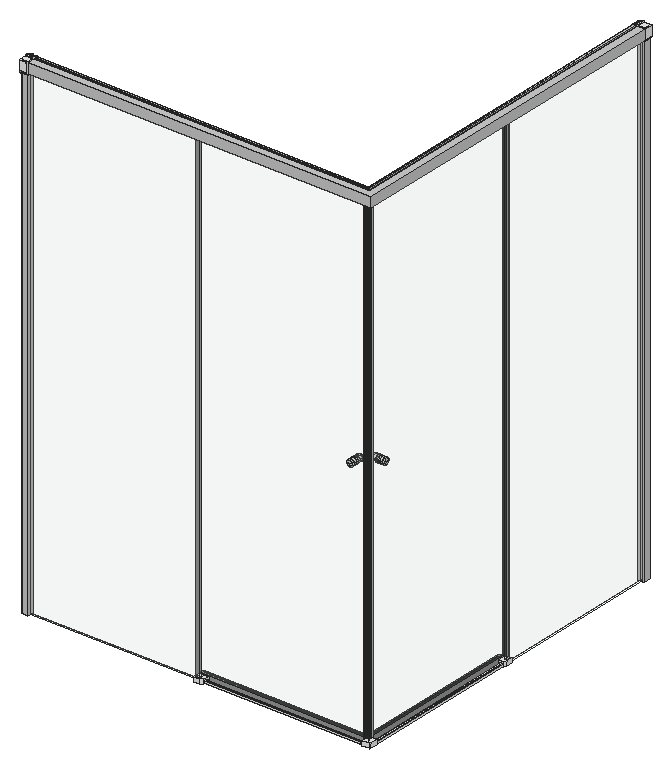
Revit family "Sanitary_Shower-screens_Duscholux_DuschoGravity_Slider-twin-doors-corner-shower", category Plumbing Fixtures, Revit 2016
Family settings
  Part Type = Normal
  Round Connector Dimension = Use Diameter
  OmniClass Number = 23.45.00.00
  OmniClass Title = Sanitary, Laundry, and Cleaning Equipment
  Work Plane-Based = No
  Always vertical = Yes
  Cut with Voids When Loaded = No
  Shared = No
  Room Calculation Point = No
Parameters (values of type "Silver Matt Aluminium Finish")
  Width L2 = 1400 mm
  Width L1 = 1400 mm
  Uniclass 2015 Description = "Shower Enclosures"
  Uniclass 2015 Code = "PR-40-20-06-79"
  URL = "http://www.duscholux.es/"
  UNSPSC Code = "30181507"
  Thickness Safety Glass Sliding = 5 mm  # constant formula
  Thickness Safety Glass Fixed Panel = 8 mm  # constant formula
  Technical Inspection Certificate (Applus) = "http://www.duscholux.es/resources/custom/var/APPLUS_en.pdf"
  Sliding Door Width L2 = (Min Max Width L2 / 2) - 37.8 mm + 14 mm  # 676.2 mm
  Sliding Door Width L1 = (Min Max Widht L1 / 2) - 37.8 mm + 14 mm  # 676.2 mm
  Series = "DuschoGravity"
  Region South America = "Consult"
  Region Oceania = "Consult"
  Region North America = "Consult"
  Region Middle East = "Consult"
  Region Europe = "AD, ES, FR, PT"
  Region Asia = "Consult"
  Region Antartica = "Consult"
  Region Africa = "Consult"
  Ref. = "KAA / KAC"
  Products = "http://www.duscholux.es/mamparas_filtro.aspx?es"
  Product group = "Angle door for shower"
  Product family = "Duscho Gravity"
  Optional = "Towel rail / Shelf"
  Opening System Image = "http://blob.duscholux.es/pluma512/AD2f2pcorredera.gif"
  Opening System = "Sliding"
  Opening Percentage L2 = 0
  Opening Percentage L1 = 0
  Opening Door L2 = ((Min Max Width L2 / 2) - 135.8 mm) * Opening Percentage L2 / 100  # 0 mm
  Opening Door L1 = ((Min Max Widht L1 / 2) - 135.8 mm) * Opening Percentage L1 / 100  # 0 mm
  Net Weight (Kg) = 79
  NBS Reference Description = "Shower Enclosures"
  NBS Reference Code = "45-35-70"
  Model = ""
  Min Max Width L2 = if(Width L2 < 670 mm, 670 mm, if(Width L2 > 1600 mm, 1600 mm, Width L2))  # 1400 mm
  Min Max Widht L1 = if(Width L1 < 670 mm, 670 mm, if(Width L1 > 1600 mm, 1600 mm, Width L1))  # 1400 mm
  Max Height = if(Height > 2000 mm, 2000 mm, Height)  # 2000 mm
  Manufacturer name = "Duscholux Ibérica, S.A."
  Manufacturer country = "Spain"
  Maintenance and Cleaning = "http://www.duscholux.es/mamparas_limpieza.aspx?en"
  Image = "http://www.duscholux.es/resources/custom/img/mamparas/DUSCHO%20GRAVITY/modelos/2F2PADC/mampara_h.jpg"
  IFC Classification = "Furnishing Element"
  Height = 2000 mm
  Handle Material = Chrome_Finish
  Handle Height = Max Height / 2  # 1000 mm
  Glass in Building UNE EN 12150 = "CE Conformity marking"
  Glass Material = Glass_Material-Duscholux
  Frame Material = Silver Matt Aluminium Finish
  Fact Sheet = "http://blob.duscholux.es/enpdf2018/Gravity2F2PAD.pdf"
  Manufacturer = "Duscholux Ibérica, S.A."
  Environmental Management ISO 14001 = "ECOEMBES Certificate"
  Edition number = "1"
  Design country = "Spain / Germany"
  Description = "2 fixed segments + slider twin doors in a corner for shower"
  Date of publishing = ""
  Assembly Code = "C1030200"
  Configuration enclosure = "http://configuratumampara.duscholux.es/eCatalogo.aspx"
  Components = "Eropean components"
  Type Comments = ""
  Combinations = "Lateral 90°"
  Certified Quality UNE EN 14428 = "http://www.duscholux.es/duscholux_downloads.aspx?es"
  COBIe Type Category = ""
  Brand = "Duscholux"
  Anti-Lime Treatment = "FeelNet 3D Included"
  Accesories Material = Chrome_Finish
Reference planes
  plane 1 "Centro (Frontal/Posterior)": y = 0
  plane 2: z = 0
  plane 3 "Centro (Izquierda/Derecha)": x = 0
  plane 4: y = 4
  plane 5: y = -4
  plane 6: z = 1959.85
  plane 7: z = 2000
  plane 8: x = 1400
  plane 9: x = -696
  plane 10: y = 23.487
  plane 11: z = 1000
  plane 12: x = -682
  plane 13: x = -710
  plane 14: x = -1396
  plane 15: x = -1387
  plane 16: x = -1368
  plane 17: x = 4
  plane 18: y = 1396
  plane 19: x = -4
  plane 20: y = 1387
  plane 21: y = 696
  plane 22: y = 682
  plane 23: y = 710
  plane 24: y = 1368
  plane 25: x = -33.8
  plane 26: y = 33.8
  plane 27: z = 1985
Forms (mm)
  Extrusion 1, solid, material "Silver Matt Aluminium Finish" <- "Frame Material"
    sketch origin (-982.802, 0, 0) x (1, 0, 0) y (0, 1, 0)
      loop
        line (-413.198, -10.5) -> (-386.698, -10.5) -> (-386.698, -4.3) -> (-397.348, -4.3) -> (-397.348, -9) -> (-411.698, -9) -> (-411.698, 0) -> (-411.698, 13.2) -> (-397.348, 13.2) -> (-397.348, 4.3) -> (-386.698, 4.3) -> (-386.698, 14.7) -> (-413.198, 14.7) -> (-413.198, -10.5)
    from 0 to 1959.85
  Extrusion 2, solid, material "Silver Matt Aluminium Finish" <- "Frame Material"
    sketch origin (0, 0, 0) x (0, 1, 0) y (0, 0, 1)
      loop
        arc (33.069, 1997) -> (32.191, 1999.121) -> (30.069, 2000) r 3
        line (30.069, 2000) -> (21.519, 2000) -> (21.519, 1997.261) -> (12.519, 1997.261) -> (12.519, 2000) -> (-16, 2000) -> (-16, 1959.85) -> (-6.5, 1959.85) -> (-6.5, 1994) -> (0, 1994) -> (6.5, 1994) -> (6.5, 1959.85) -> (18.5, 1959.85) -> (18.5, 1963.85) -> (9.5, 1963.85) -> (9.5, 1995.261) -> (23.519, 1995.261) -> (23.519, 1998.011) -> (31.069, 1998.011) -> (31.069, 1961.861) -> (29.669, 1961.861) -> (29.669, 1959.861) -> (33.069, 1959.861) -> (33.069, 1997)
      loop
        line (-13, 1991.05) -> (-13, 1963.879) -> (-9.5, 1963.879) -> (-9.5, 1991.05) -> (-13, 1991.05)
    from -1396 to -33.069
  Extrusion 3, solid, material "Glass_Material-Duscholux" <- "Glass Material"
    sketch origin (0, 0, 0) x (1, 0, 0) y (0, 1, 0)
      loop
        line (-1387, 4) -> (-1387, -4) -> (-682, -4) -> (-682, 4) -> (-1387, 4)
    from 2 to 1985
  Extrusion 4, solid, material "Glass_Material-Duscholux" <- "Glass Material"
    sketch origin (-532.685, 0, 0) x (1, 0, 0) y (0, 1, 0)
      loop
        line (498.885, 25.987) -> (-177.315, 25.987) -> (-177.315, 20.987) -> (498.885, 20.987) -> (498.885, 25.987)
    from 3.238 to 1985
  Extrusion 5, solid, material "Chrome_Finish" <- "Accesories Material"
    sketch origin (0, 0, 0) x (0, 1, 0) y (0, 0, 1)
      loop
        line (12.519, 2005.435) -> (12.519, 2002.011) -> (-15, 2002.011)
        arc (-15, 2002.011) -> (-17.121, 2001.132) -> (-18, 1999.011) r 3
        line (-18, 1999.011) -> (-18, 1960.85)
        arc (-18, 1960.85) -> (-16.86, 1958.466) -> (-14.288, 1957.857) r 3.062
        line (-14.288, 1957.857) -> (-14.288, 1953.858) -> (-10.5, 1953.858) -> (-10.5, 1959.85) -> (-16, 1959.85) -> (-16, 2000) -> (30.069, 2000)
        arc (30.069, 2000) -> (32.191, 1999.121) -> (33.069, 1997) r 3
        line (33.069, 1997) -> (33.069, 1959.85) -> (14.7, 1959.85) -> (14.7, 1953.858) -> (18.488, 1953.858) -> (18.488, 1957.85) -> (32.069, 1957.85)
        arc (32.069, 1957.85) -> (34.191, 1958.729) -> (35.069, 1960.85) r 3
        line (35.069, 1960.85) -> (35.069, 1997.011)
        arc (35.069, 1997.011) -> (33.605, 2000.546) -> (30.069, 2002.011) r 5
        line (30.069, 2002.011) -> (21.49, 2002.011)
        arc (21.49, 2002.011) -> (20.786, 2004.401) -> (18.52, 2005.435) r 3
        line (18.52, 2005.435) -> (12.519, 2005.435)
    from -1396 to -1368
  Extrusion 6, solid, material "Chrome_Finish" <- "Accesories Material"
    sketch origin (0, -89, 0) x (0, 1, 0) y (0, 0, 1)
      loop
        line (86, 0) -> (96, 0) -> (96, 7.55)
        arc (96, 7.55) -> (95.282, 9.282) -> (93.55, 10) r 2.45
        line (93.55, 10) -> (91, 10) -> (88.45, 10)
        arc (88.45, 10) -> (86.718, 9.282) -> (86, 7.55) r 2.45
        line (86, 7.55) -> (86, 0)
    from -667 to -27.973
  Extrusion 7, solid, not visible
    sketch origin (62.199, -0.034, 0) x (1, 0, 0) y (0, 1, 0)
      loop
        line (752.972, 27.547) -> (749, 27.019)
        arc (749, 27.019) -> (748.57, 26.458) -> (749.132, 26.028) r 0.5
        line (749.132, 26.028) -> (753.6, 26.622) -> (753.6, 23.522) -> (753.6, 20.422) -> (749.132, 21.016)
        arc (749.132, 21.016) -> (748.57, 20.586) -> (749, 20.025) r 0.5
        line (749, 20.025) -> (752.972, 19.497)
        arc (752.972, 19.497) -> (756.439, 17.322) -> (760.531, 17.291) r 7.498
        arc (760.531, 17.291) -> (761.591, 18.007) -> (762, 19.219) r 2
        line (762, 19.219) -> (762, 23.522) -> (762, 27.825)
        arc (762, 27.825) -> (761.591, 29.037) -> (760.531, 29.753) r 2
        arc (760.531, 29.753) -> (756.439, 29.722) -> (752.972, 27.547) r 7.498
    from 0 to 1876.165
  Extrusion 8, solid, material "Chrome_Finish" <- "Accesories Material"
    sketch origin (-1264.392, 49.436, -3.703) x (1, 0, 0) y (0, 1, 0)
      loop
        line (562.392, -57.436) -> (584.392, -57.436) -> (597.392, -53.436) -> (597.392, -18.436) -> (562.392, -18.436) -> (562.392, -57.436)
    from 0 to 18
  Extrusion 9, void
    sketch origin (-1220, 0, -3.703) x (1, 0, 0) y (0, 1, 0)
      loop
        line (518, 4) -> (518, -4) -> (538, -4) -> (538, 4) -> (518, 4)
    from 2 to 18
  Extrusion 10, void
    sketch origin (-1220, 0, -3.703) x (1, 0, 0) y (0, 1, 0)
      loop
        line (518, 27.487) -> (518, 19.487) -> (553, 19.487) -> (553, 27.487) -> (518, 27.487)
    from 2 to 18
  Extrusion 11, solid, material "Chrome_Finish" <- "Accesories Material"
    sketch origin (9.006, 31.643, 0) x (1, 0, 0) y (0, 1, 0)
      loop
        line (-36.979, -35.643) -> (-7.879, -35.643)
        arc (-7.879, -35.643) -> (-5.847, -34.802) -> (-5.006, -32.77) r 2.873
        line (-5.006, -32.77) -> (-5.006, -3.67) -> (-22.006, -3.67) -> (-22.006, -10.67)
        arc (-22.006, -10.67) -> (-24.341, -16.308) -> (-29.979, -18.643) r 7.973
        line (-29.979, -18.643) -> (-36.979, -18.643) -> (-36.979, -35.643)
    from 0 to 18
  Extrusion 12, solid, material "Glass_Material-Duscholux" <- "Glass Material"
    sketch origin (0, 0, 0) x (1, 0, 0) y (0, 1, 0)
      loop
        line (-4, 1387) -> (-4, 682) -> (4, 682) -> (4, 1387) -> (-4, 1387)
    from 2 to 1985
  Extrusion 13, solid, material "Chrome_Finish" <- "Accesories Material"
    sketch origin (-49.436, 1264.491, 0) x (0, -1, 0) y (1, 0, 0)
      loop
        line (562.491, 57.436) -> (562.491, 18.436) -> (597.491, 18.436) -> (597.491, 53.436) -> (584.491, 57.436) -> (562.491, 57.436)
    from 0 to 18
  Extrusion 14, void
    sketch origin (0, 1220.099, 0) x (0, -1, 0) y (1, 0, 0)
      loop
        line (518.099, -4) -> (538.099, -4) -> (538.099, 4) -> (518.099, 4) -> (518.099, -4)
    from 2 to 18
  Extrusion 15, void
    sketch origin (0, 1220.099, 0) x (0, -1, 0) y (1, 0, 0)
      loop
        line (518.099, -27.487) -> (553.099, -27.487) -> (553.099, -19.487) -> (518.099, -19.487) -> (518.099, -27.487)
    from 2 to 18
  Extrusion 16, solid, material "Glass_Material-Duscholux" <- "Glass Material"
    sketch origin (0, 565.948, 0) x (1, 0, 0) y (0, 1, 0)
      loop
        line (-20.987, -532.148) -> (-20.987, 144.052) -> (-25.987, 144.052) -> (-25.987, -532.148) -> (-20.987, -532.148)
    from 3.238 to 1985
  Extrusion 17, solid, material "Chrome_Finish" <- "Accesories Material"
    sketch origin (-93, 0, 0) x (1, 0, 0) y (0, 0, 1)
      loop
        line (86, 0) -> (96, 0) -> (96, 7.55)
        arc (96, 7.55) -> (95.282, 9.282) -> (93.55, 10) r 2.45
        line (93.55, 10) -> (91, 10) -> (88.45, 10)
        arc (88.45, 10) -> (86.718, 9.282) -> (86, 7.55) r 2.45
        line (86, 7.55) -> (86, 0)
    from -667 to -27.973
  Extrusion 18, solid, material "Silver Matt Aluminium Finish" <- "Frame Material"
    sketch origin (0, 1944.347, 0) x (-1, 0, 0) y (0, 0, 1)
      loop
        arc (33.069, 1997) -> (32.191, 1999.121) -> (30.069, 2000) r 3
        line (30.069, 2000) -> (21.519, 2000) -> (21.519, 1997.261) -> (12.519, 1997.261) -> (12.519, 2000) -> (-16, 2000) -> (-16, 1959.85) -> (-6.5, 1959.85) -> (-6.5, 1994) -> (0, 1994) -> (6.5, 1994) -> (6.5, 1959.85) -> (18.5, 1959.85) -> (18.5, 1963.85) -> (9.5, 1963.85) -> (9.5, 1995.261) -> (23.519, 1995.261) -> (23.519, 1998.011) -> (31.069, 1998.011) -> (31.069, 1961.861) -> (29.669, 1961.861) -> (29.669, 1959.861) -> (33.069, 1959.861) -> (33.069, 1997)
      loop
        line (-13, 1991.05) -> (-13, 1963.879) -> (-9.5, 1963.879) -> (-9.5, 1991.05) -> (-13, 1991.05)
    from -1911.277 to -548.347
  Extrusion 19, solid, material "Silver Matt Aluminium Finish" <- "Frame Material"
    sketch origin (0, 0, 0) x (1, 0, 0) y (0, 1, 0)
      loop
        line (-33.069, 33.069) -> (-33.069, -16) -> (16, -16) -> (16, 33.069) -> (-33.069, 33.069)
    from 1959.85 to 2000
  Extrusion 20, void
    sketch origin (0, 0, 0) x (0, 1, 0) y (0, 0, 1)
      loop
        arc (30.069, 2000) -> (32.191, 1999.121) -> (33.069, 1997) r 3
        line (33.069, 1997) -> (33.069, 2000) -> (30.069, 2000)
    from -33.069 to -30.069
  Extrusion 21, solid, material "Silver Matt Aluminium Finish" <- "Frame Material"
    sketch origin (0, 0, 0) x (1, 0, 0) y (0, 0, 1)
      loop
        arc (-30.069, 2000) -> (-32.191, 1999.121) -> (-33.069, 1997) r 3
        line (-33.069, 1997) -> (-30.069, 1997) -> (-30.069, 2000)
    from -33.069 to -30.069
  Extrusion 22, solid, material "Chrome_Finish" <- "Accesories Material"
    sketch origin (0, 0.198, 0) x (-1, 0, 0) y (0, 0, -1)
      loop
        line (12.519, -2005.435) -> (18.52, -2005.435)
        arc (18.52, -2005.435) -> (20.786, -2004.401) -> (21.49, -2002.011) r 3
        line (21.49, -2002.011) -> (30.069, -2002.011)
        arc (30.069, -2002.011) -> (33.605, -2000.546) -> (35.069, -1997.011) r 5
        line (35.069, -1997.011) -> (35.069, -1960.85)
        arc (35.069, -1960.85) -> (34.191, -1958.729) -> (32.069, -1957.85) r 3
        line (32.069, -1957.85) -> (18.488, -1957.85) -> (18.488, -1953.858) -> (14.7, -1953.858) -> (14.7, -1959.85) -> (33.069, -1959.85) -> (33.069, -1997)
        arc (33.069, -1997) -> (32.191, -1999.121) -> (30.069, -2000) r 3
        line (30.069, -2000) -> (-16, -2000) -> (-16, -1959.85) -> (-10.5, -1959.85) -> (-10.5, -1953.858) -> (-14.288, -1953.858) -> (-14.288, -1957.857)
        arc (-14.288, -1957.857) -> (-16.86, -1958.466) -> (-18, -1960.85) r 3.062
        line (-18, -1960.85) -> (-18, -1999.011)
        arc (-18, -1999.011) -> (-17.121, -2001.132) -> (-15, -2002.011) r 3
        line (-15, -2002.011) -> (12.519, -2002.011) -> (12.519, -2005.435)
    from -1395.802 to -1367.802
  Extrusion 23, solid, material "Silver Matt Aluminium Finish" <- "Frame Material"
    sketch origin (0, 983, 0) x (0, -1, 0) y (1, 0, 0)
      loop
        line (-413, 10.5) -> (-413, -14.7) -> (-386.5, -14.7) -> (-386.5, -4.3) -> (-397.15, -4.3) -> (-397.15, -13.2) -> (-411.5, -13.2) -> (-411.5, 0) -> (-411.5, 9) -> (-397.15, 9) -> (-397.15, 4.3) -> (-386.5, 4.3) -> (-386.5, 10.5) -> (-413, 10.5)
    from 0 to 1959.85
  Extrusion 24, solid, material "Silver Matt Aluminium Finish" <- "Frame Material"
    sketch origin (10, -0.034, 0) x (1, 0, 0) y (0, 1, 0)
      loop
        line (-36.566, 38.834) -> (-38.084, 38.834) -> (-39.087, 33.834) -> (-39.087, 31.234)
        arc (-39.087, 31.234) -> (-38.707, 29.321) -> (-37.623, 27.699) r 5
        line (-37.623, 27.699) -> (-32.322, 22.397)
        arc (-32.322, 22.397) -> (-29.491, 21.834) -> (-27.887, 24.234) r 2.598
        line (-27.887, 24.234) -> (-27.887, 33.834) -> (-28.891, 38.834) -> (-30.409, 38.834) -> (-29.405, 33.834) -> (-37.57, 33.834) -> (-36.566, 38.834)
      loop
        line (-38.447, 32.272) -> (-38.447, 30.119) -> (-36.721, 27.759) -> (-35.477, 29.004) -> (-31.083, 24.861) -> (-32.537, 23.319) -> (-31.968, 22.751)
        arc (-31.968, 22.751) -> (-29.682, 22.296) -> (-28.387, 24.234) r 2.098
        line (-28.387, 24.234) -> (-28.387, 32.272) -> (-38.447, 32.272)
    from 3.238 to 1985
  Extrusion 25, solid, material "Silver Matt Aluminium Finish" <- "Frame Material"
    sketch origin (2.691, 0, 0) x (1, 0, 0) y (0, 1, 0)
      loop
        line (-41.491, 28.116) -> (-41.491, 26.598) -> (-36.491, 27.602) -> (-36.491, 19.437) -> (-41.491, 20.441) -> (-41.491, 18.923) -> (-36.491, 17.919) -> (-26.891, 17.919)
        arc (-26.891, 17.919) -> (-24.491, 19.523) -> (-25.052, 22.356) r 2.598
        line (-25.052, 22.356) -> (-30.356, 27.655)
        arc (-30.356, 27.655) -> (-31.978, 28.739) -> (-33.891, 29.119) r 5
        line (-33.891, 29.119) -> (-36.491, 29.119) -> (-41.491, 28.116)
      loop
        line (-34.929, 28.479) -> (-34.929, 18.419) -> (-26.891, 18.419)
        arc (-26.891, 18.419) -> (-24.953, 19.714) -> (-25.408, 22) r 2.098
        line (-25.408, 22) -> (-25.976, 22.568) -> (-27.518, 21.115) -> (-31.661, 25.509) -> (-30.417, 26.753) -> (-32.776, 28.479) -> (-34.929, 28.479)
    from 3.238 to 1985
  Extrusion 26, solid, not visible
    sketch origin (0, 0, 0) x (1, 0, 0) y (0, 1, 0)
      loop
        line (-38.761, 28.116) -> (-38.761, 26.598) -> (-33.761, 27.602) -> (-33.761, 19.437) -> (-38.761, 20.441) -> (-38.761, 18.923) -> (-33.761, 17.919) -> (-24.161, 17.919)
        arc (-24.161, 17.919) -> (-21.761, 19.523) -> (-22.322, 22.356) r 2.598
        line (-22.322, 22.356) -> (-27.625, 27.655)
        arc (-27.625, 27.655) -> (-29.247, 28.739) -> (-31.161, 29.119) r 5
        line (-31.161, 29.119) -> (-33.761, 29.119) -> (-38.761, 28.116)
      loop
        line (-32.199, 28.479) -> (-32.199, 18.419) -> (-24.161, 18.419)
        arc (-24.161, 18.419) -> (-22.223, 19.714) -> (-22.678, 22) r 2.098
        line (-22.678, 22) -> (-23.246, 22.568) -> (-24.788, 21.115) -> (-28.931, 25.509) -> (-27.686, 26.753) -> (-30.045, 28.479) -> (-32.199, 28.479)
    from 0 to 250
  Extrusion 27, solid, not visible
    sketch origin (0, 0, 0) x (1, 0, 0) y (0, 1, 0)
      loop
        line (-26.566, 38.793) -> (-28.084, 38.793) -> (-29.087, 33.793) -> (-29.087, 31.193)
        arc (-29.087, 31.193) -> (-28.707, 29.279) -> (-27.623, 27.657) r 5
        line (-27.623, 27.657) -> (-22.322, 22.356)
        arc (-22.322, 22.356) -> (-19.491, 21.793) -> (-17.887, 24.193) r 2.598
        line (-17.887, 24.193) -> (-17.887, 33.793) -> (-18.891, 38.793) -> (-20.409, 38.793) -> (-19.405, 33.793) -> (-27.57, 33.793) -> (-26.566, 38.793)
      loop
        line (-28.447, 32.231) -> (-28.447, 30.077) -> (-26.721, 27.718) -> (-25.477, 28.962) -> (-21.083, 24.82) -> (-22.537, 23.278) -> (-21.968, 22.709)
        arc (-21.968, 22.709) -> (-19.682, 22.255) -> (-18.387, 24.193) r 2.098
        line (-18.387, 24.193) -> (-18.387, 32.231) -> (-28.447, 32.231)
    from 3.238 to 1985
  Extrusion 28, solid, not visible
    sketch origin (0, 14.966, 0) x (1, 0, 0) y (0, 1, 0)
      loop
        line (-26.566, 38.793) -> (-28.084, 38.793) -> (-29.087, 33.793) -> (-29.087, 31.193)
        arc (-29.087, 31.193) -> (-28.707, 29.279) -> (-27.623, 27.657) r 5
        line (-27.623, 27.657) -> (-22.322, 22.356)
        arc (-22.322, 22.356) -> (-19.491, 21.793) -> (-17.887, 24.193) r 2.598
        line (-17.887, 24.193) -> (-17.887, 33.793) -> (-18.891, 38.793) -> (-20.409, 38.793) -> (-19.405, 33.793) -> (-27.57, 33.793) -> (-26.566, 38.793)
      loop
        line (-28.447, 32.231) -> (-28.447, 30.077) -> (-26.721, 27.718) -> (-25.477, 28.962) -> (-21.083, 24.82) -> (-22.537, 23.278) -> (-21.968, 22.709)
        arc (-21.968, 22.709) -> (-19.682, 22.255) -> (-18.387, 24.193) r 2.098
        line (-18.387, 24.193) -> (-18.387, 32.231) -> (-28.447, 32.231)
    from 3.238 to 1985
  Extrusion 29, solid, not visible
    sketch origin (0, -0.034, 0) x (1, 0, 0) y (0, 1, 0)
      loop
        line (-26.566, 38.793) -> (-28.084, 38.793) -> (-29.087, 33.793) -> (-29.087, 31.193)
        arc (-29.087, 31.193) -> (-28.707, 29.279) -> (-27.623, 27.657) r 5
        line (-27.623, 27.657) -> (-22.322, 22.356)
        arc (-22.322, 22.356) -> (-19.491, 21.793) -> (-17.887, 24.193) r 2.598
        line (-17.887, 24.193) -> (-17.887, 33.793) -> (-18.891, 38.793) -> (-20.409, 38.793) -> (-19.405, 33.793) -> (-27.57, 33.793) -> (-26.566, 38.793)
      loop
        line (-28.447, 32.231) -> (-28.447, 30.077) -> (-26.721, 27.718) -> (-25.477, 28.962) -> (-21.083, 24.82) -> (-22.537, 23.278) -> (-21.968, 22.709)
        arc (-21.968, 22.709) -> (-19.682, 22.255) -> (-18.387, 24.193) r 2.098
        line (-18.387, 24.193) -> (-18.387, 32.231) -> (-28.447, 32.231)
    from 3.238 to 1985
  Extrusion 30, solid, material "Plástico, transparente", detail levels fine
    sketch origin (0, 0, 0) x (0, 1, 0) y (0, 0, 1)
      loop
        line (47.987, 7.116) -> (47.987, 2.551)
        arc (47.987, 2.551) -> (48.737, 2.215) -> (49.487, 2.551) r 1.005
        line (49.487, 2.551) -> (49.487, 8.116) -> (26.719, 16.315)
        arc (26.719, 16.315) -> (26.166, 16.255) -> (26.011, 15.721) r 0.5
        line (26.011, 15.721) -> (26.237, 14.435) -> (26.237, -0.465) -> (20.737, -0.465) -> (20.737, 16.435) -> (19.637, 16.435) -> (19.637, -1.703) -> (27.337, -1.703) -> (27.337, 13.555) -> (47.987, 7.116)
    from -705 to -38.8
  Extrusion 31, solid, material "Plástico, transparente", detail levels fine
    sketch origin (0, 0, 0) x (1, 0, 0) y (0, 1, 0)
      loop
        line (-705, 26.237) -> (-705, 27.337) -> (-711.3, 27.337) -> (-711.3, 19.637) -> (-706.1, 19.637) -> (-706.1, 5.737) -> (-705, 5.737) -> (-705, 20.737) -> (-710, 20.737) -> (-710, 26.237) -> (-705, 26.237)
    from -1.703 to 1985
  Extrusion 32, solid, material "Plástico, transparente", detail levels fine
    sketch origin (0, 0, 0) x (1, 0, 0) y (0, 0, 1)
      loop
        line (-27.337, 2) -> (-19.637, 2) -> (-19.637, 20.138) -> (-20.737, 20.138) -> (-20.737, 3.238) -> (-26.237, 3.238) -> (-26.237, 18.138) -> (-26.011, 19.424)
        arc (-26.011, 19.424) -> (-26.166, 19.958) -> (-26.719, 20.018) r 0.5
        line (-26.719, 20.018) -> (-49.487, 8.116) -> (-49.487, 2.551)
        arc (-49.487, 2.551) -> (-48.737, 2.215) -> (-47.987, 2.551) r 1.005
        line (-47.987, 2.551) -> (-47.987, 7.116) -> (-27.337, 17.258) -> (-27.337, 2)
    from -705 to -38.758
  Extrusion 33, solid, material "Plástico, transparente", detail levels fine
    sketch origin (0, 0, 0) x (1, 0, 0) y (0, 1, 0)
      loop
        line (-20.737, 705) -> (-5.737, 705) -> (-5.737, 706.1) -> (-19.637, 706.1) -> (-19.637, 711.3) -> (-27.337, 711.3) -> (-27.337, 705) -> (-26.237, 705) -> (-26.237, 710) -> (-20.737, 710) -> (-20.737, 705)
    from 2 to 1985
  Extrusion 34, void
    sketch origin (0, 0, -3.703) x (0, 1, 0) y (0, 0, 1)
      loop
        line (31, 18) -> (27.487, 18) -> (27.487, 17.184) -> (31, 15.459) -> (31, 18)
    from -702 to -667
  Extrusion 35, void
    sketch origin (0, 0, 0) x (1, 0, 0) y (0, 0, 1)
      loop
        line (-31, 18) -> (-31, 15.459) -> (-27.487, 17.184) -> (-27.487, 18) -> (-31, 18)
    from -702 to -667
  Extrusion 36, void
    sketch origin (0, 0, 0) x (1, 0, 0) y (0, 1, 0)
      loop
        line (-21.519, 33.069) -> (-21.519, 21.519) -> (-33.069, 21.519) -> (-33.069, 12.519) -> (-12.519, 12.519) -> (-12.519, 33.069) -> (-21.519, 33.069)
    from 1997.261 to 2000
Cuts and joins
  Extrusion 9, Extrusion 10, Extrusion 34 cuts Extrusion 8
  Extrusion 14, Extrusion 15, Extrusion 35 cuts Extrusion 13
  Extrusion 20, Extrusion 36 cuts Extrusion 19
  joined: Extrusion 2, Extrusion 18, Extrusion 19, Extrusion 21
  Extrusion 34, Extrusion 35, Extrusion 36 cuts Extrusion 11
  Extrusion 36 cuts Extrusion 24
  Extrusion 36 cuts Extrusion 25
Dimensions and locks
  equal spacing: plane 4, plane 1 "Centro (Frontal/Posterior)", plane 5
  "Thickness Safety Glass Fixed Panel": plane 4 to plane 5
  locked: plane 7 to plane 6 at 40.15
  "Handle Height": plane 11 to level
  "Thickness Safety Glass Sliding": Extrusion 4 to Extrusion 4
  "Max Height": plane 7 to plane 2
  locked: plane 9 to cut or joined group of Extrusion 8, Extrusion 9, Extrusion 10, Extrusion 34 at 29
  locked: cut or joined group of Extrusion 8, Extrusion 9, Extrusion 10, Extrusion 34 to plane 9 at 6
  locked: plane 9 to plane 12 at 14
  locked: plane 13 to plane 9 at 14
  locked: plane 21 to plane 22 at 14
  locked: plane 23 to plane 21 at 14
  locked: cut or joined group of Extrusion 13, Extrusion 14, Extrusion 15, Extrusion 35 to plane 21 at 29
  locked: cut or joined group of Extrusion 13, Extrusion 14, Extrusion 15, Extrusion 35 to plane 21 at 6
  locked: nested 2 to Extrusion 4 at 45
  locked: Extrusion 16 to nested 4 at 45
  locked: Extrusion 30 to Extrusion 4 at 5
  Extrusion 31 to Extrusion 31 = 1.3 mm
  locked: Extrusion 31 to Extrusion 31 at 6.3  (x2)
  locked: Extrusion 31 to Extrusion 31 at 1.1
  locked: Extrusion 4 to Extrusion 30 at 5
  locked: Extrusion 16 to Extrusion 32 at 5
  locked: Extrusion 33 to Extrusion 33 at 1.3
  locked: Extrusion 33 to Extrusion 33 at 1.1
  locked: Extrusion 33 to Extrusion 33 at 6.3  (x2)
  locked: cut or joined group of Extrusion 11, Extrusion 34, Extrusion 35, Extrusion 36 to plane 5 at 31.973
  locked: cut or joined group of Extrusion 11, Extrusion 34, Extrusion 35, Extrusion 36 to plane 17 at 31.973
  locked: plane 14 to plane 16 at 28
  locked: plane 14 to plane 15 at 9
  "Min Max Widht L1": plane 14 to plane 17
  equal spacing: plane 14, plane 9, plane 17
  "Min Max Width L2": plane 18 to plane 5
  equal spacing: plane 18, plane 21, plane 5
  plane 19 to plane 17 = 8 mm
  equal spacing: plane 19, plane 3 "Centro (Izquierda/Derecha)", plane 17
  locked: plane 18 to plane 24 at 28
  locked: plane 18 to plane 20 at 9
  "Sliding Door Width L1": Extrusion 4 to Extrusion 4
  "Sliding Door Width L2": Extrusion 16 to Extrusion 16
  locked: plane 25 to plane 17 at 37.8
  "Opening Door L1": Extrusion 4 to plane 25
  locked: plane 26 to plane 5 at 37.8
  locked: Extrusion 16 to Extrusion 32 at 4.958
  "Opening Door L2": plane 26 to Extrusion 16
  locked: plane 7 to plane 27 at 15
  "Thickness Safety Glass Sliding": Extrusion 16 to Extrusion 16
  aligned and locked: level to plane 2
  aligned and locked: plane 7 to Extrusion 2
  aligned and locked: Extrusion 2 to plane 6
  aligned and locked: Extrusion 1 to Extrusion 2
  aligned and locked: Extrusion 3 sketch curve to plane 4
  aligned and locked: plane 5 to Extrusion 3 sketch curve
  aligned and locked: nested 1 to plane 11
  aligned and locked: plane 11 to nested 2
  aligned and locked: nested 1 to nested 2
  aligned and locked: Extrusion 5 to plane 14
  aligned and locked: plane 16 to Extrusion 5
  aligned and locked: Extrusion 2 to Extrusion 1
  aligned and locked: Extrusion 9 sketch curve to Extrusion 8
  aligned and locked: Extrusion 6 to cut or joined group of Extrusion 8, Extrusion 9, Extrusion 10, Extrusion 34
  aligned and locked: Extrusion 6 to Extrusion 11
  aligned and locked: plane 19 to Extrusion 12 sketch curve
  aligned and locked: Extrusion 12 sketch curve to plane 17
  aligned and locked: Extrusion 14 sketch curve to Extrusion 13
  aligned and locked: Extrusion 12 to cut or joined group of Extrusion 13, Extrusion 14, Extrusion 15, Extrusion 35
  aligned and locked: Extrusion 16 to Extrusion 4
  aligned and locked: Extrusion 17 to cut or joined group of Extrusion 13, Extrusion 14, Extrusion 15, Extrusion 35
  aligned and locked: plane 18 to Extrusion 18
  aligned and locked: Extrusion 2 to Extrusion 18  (x2)
  aligned and locked: Extrusion 19 sketch curve to Extrusion 18
  aligned and locked: Extrusion 19 to Extrusion 2
  aligned and locked: Extrusion 19 to plane 6
  aligned and locked: Extrusion 21 to Extrusion 5
  aligned and locked: Extrusion 22 to plane 24
  aligned and locked: plane 18 to Extrusion 22
  aligned and locked: Extrusion 24 to Extrusion 4
  aligned and locked: Extrusion 25 to Extrusion 4
  aligned and locked: Extrusion 24 to Extrusion 16
  aligned and locked: plane 11 to nested 3
  aligned and locked: nested 3 to nested 4
  aligned and locked: plane 11 to nested 4
  aligned and locked: cut or joined group of Extrusion 8, Extrusion 9, Extrusion 10, Extrusion 34 to Extrusion 30 sketch curve
  aligned and locked: Extrusion 31 to Extrusion 30
  aligned and locked: Extrusion 31 to Extrusion 4
  aligned and locked: Extrusion 32 sketch curve to Extrusion 24
  aligned and locked: cut or joined group of Extrusion 13, Extrusion 14, Extrusion 15, Extrusion 35 to Extrusion 32 sketch curve
  aligned and locked: Extrusion 33 to Extrusion 32
  aligned and locked: Extrusion 33 to Extrusion 16
  aligned and locked: cut or joined group of Extrusion 8, Extrusion 9, Extrusion 10, Extrusion 34 to Extrusion 34
  aligned and locked: Extrusion 34 to cut or joined group of Extrusion 8, Extrusion 9, Extrusion 10, Extrusion 34
  aligned and locked: cut or joined group of Extrusion 13, Extrusion 14, Extrusion 15, Extrusion 35 to Extrusion 35  (x2)
  aligned and locked: cut or joined group of Extrusion 2, Extrusion 18, Extrusion 19, Extrusion 20, Extrusion 21, Extrusion 36 to plane 14
  aligned and locked: plane 6 to Extrusion 23
  aligned and locked: cut or joined group of Extrusion 2, Extrusion 18, Extrusion 19, Extrusion 20, Extrusion 21, Extrusion 36 to plane 6
  aligned and locked: plane 7 to cut or joined group of Extrusion 2, Extrusion 18, Extrusion 19, Extrusion 20, Extrusion 21, Extrusion 36
  aligned and locked: cut or joined group of Extrusion 2, Extrusion 18, Extrusion 19, Extrusion 20, Extrusion 21, Extrusion 36 to plane 7
  aligned and locked: plane 27 to Extrusion 4
  aligned and locked: plane 27 to Extrusion 3
  aligned and locked: plane 27 to Extrusion 16
  aligned and locked: plane 27 to Extrusion 12
  aligned and locked: plane 27 to Extrusion 31
  aligned and locked: plane 27 to Extrusion 25
  aligned and locked: plane 27 to Extrusion 24
  aligned and locked: plane 27 to Extrusion 33
  aligned and locked: Extrusion 36 to cut or joined group of Extrusion 2, Extrusion 18, Extrusion 19, Extrusion 20, Extrusion 21, Extrusion 36  (x2)
Automatic sketch dimensions
  Extrusion 7 sketch curve to Extrusion 7 sketch curve = 0 mm  (x2)
  Extrusion 7 sketch curve to Extrusion 7 sketch curve = 0.066 mm  (x4)
  Extrusion 7 sketch curve to Extrusion 7 sketch curve = 3.972 mm  (x2)
  Extrusion 7 sketch curve to Extrusion 7 sketch curve = 0.628 mm
  Extrusion 7 sketch curve to Extrusion 7 sketch curve = 4.94 mm
  Extrusion 7 sketch curve to Extrusion 7 sketch curve = 1.46 mm  (x2)
  Extrusion 7 sketch curve to Extrusion 7 sketch curve = 3.46 mm
  Extrusion 7 sketch curve to Extrusion 7 sketch curve = 0.496 mm  (x2)
  Extrusion 7 sketch curve to Extrusion 7 sketch curve = 0.925 mm  (x2)
  Extrusion 7 sketch curve to Extrusion 7 sketch curve = 3.305 mm  (x2)
  Extrusion 7 sketch curve to Extrusion 7 sketch curve = 3.1 mm  (x2)
  Extrusion 7 sketch curve to Extrusion 7 sketch curve = 3.027 mm
  Extrusion 7 sketch curve to Extrusion 7 sketch curve = 0.528 mm
  Extrusion 7 sketch curve to Extrusion 7 sketch curve = 0.997 mm
  Extrusion 7 sketch curve to Extrusion 7 sketch curve = 1.995 mm
  Extrusion 7 sketch curve to Extrusion 7 sketch curve = 1.519 mm
  Extrusion 1 sketch curve to plane 14 = 0 mm
  plane 1 "Centro (Frontal/Posterior)" to Extrusion 1 sketch curve = 0 mm
  Extrusion 1 sketch curve to plane 14 = 1.5 mm
  Extrusion 1 sketch curve to plane 15 = 6.85 mm  (x2)
  plane 16 to Extrusion 1 sketch curve = 1.5 mm  (x2)
  plane 5 to Extrusion 1 sketch curve = 0.3 mm
  Extrusion 1 sketch curve to plane 4 = 0.3 mm
  Extrusion 1 sketch curve to Extrusion 1 sketch curve = 8.9 mm
  Extrusion 1 sketch curve to Extrusion 1 sketch curve = 1.5 mm  (x2)
  plane 5 to Extrusion 1 sketch curve = 5 mm
  Extrusion 2 sketch curve to plane 6 = 0 mm  (x2)
  Extrusion 2 sketch curve to plane 7 = 0 mm  (x2)
  Extrusion 2 sketch curve to plane 1 "Centro (Frontal/Posterior)" = 0 mm
  Extrusion 2 sketch curve to plane 5 = 2.5 mm
  Extrusion 2 sketch curve to Extrusion 2 sketch curve = 3 mm  (x3)
  Extrusion 2 sketch curve to Extrusion 2 sketch curve = 3.5 mm
  plane 4 to Extrusion 2 sketch curve = 2.5 mm
  Extrusion 2 sketch curve to Extrusion 2 sketch curve = 3.019 mm
  plane 10 to Extrusion 2 sketch curve = 4.987 mm
  plane 10 to Extrusion 2 sketch curve = 1.968 mm
  Extrusion 2 sketch curve to plane 10 = 0.032 mm
  plane 6 to Extrusion 2 sketch curve = 0.011 mm
  Extrusion 2 sketch curve to plane 10 = 6.182 mm
  Extrusion 2 sketch curve to plane 10 = 6.582 mm
  Extrusion 2 sketch curve to Extrusion 2 sketch curve = 1.4 mm
  Extrusion 2 sketch curve to Extrusion 2 sketch curve = 2 mm  (x2)
  plane 6 to Extrusion 2 sketch curve = 4 mm
  plane 6 to Extrusion 2 sketch curve = 4.029 mm
  Extrusion 2 sketch curve to plane 7 = 6 mm
  Extrusion 2 sketch curve to plane 7 = 4.739 mm
  Extrusion 2 sketch curve to plane 7 = 2.739 mm
  Extrusion 2 sketch curve to plane 7 = 1.989 mm
  Extrusion 3 sketch curve to plane 15 = 0 mm
  Extrusion 3 sketch curve to plane 12 = 0 mm
  Extrusion 4 sketch curve to plane 13 = 0 mm
  plane 10 to Extrusion 4 sketch curve = 2.5 mm
  Extrusion 4 sketch curve to plane 19 = 29.8 mm
  Extrusion 4 sketch curve to plane 10 = 2.5 mm
  Extrusion 5 sketch curve to plane 6 = 0 mm  (x2)
  Extrusion 5 sketch curve to plane 7 = 0 mm
  Extrusion 5 sketch curve to plane 7 = 0.989 mm
  Extrusion 5 sketch curve to plane 5 = 14 mm
  Extrusion 5 sketch curve to Extrusion 5 sketch curve = 2 mm
  plane 7 to Extrusion 5 sketch curve = 2.011 mm  (x2)
  Extrusion 5 sketch curve to Extrusion 5 sketch curve = 1.062 mm
  Extrusion 5 sketch curve to Extrusion 5 sketch curve = 1.712 mm
  Extrusion 5 sketch curve to Extrusion 5 sketch curve = 3.788 mm  (x2)
  plane 4 to Extrusion 5 sketch curve = 8.519 mm
  plane 10 to Extrusion 5 sketch curve = 8.787 mm
  plane 10 to Extrusion 5 sketch curve = 4.967 mm
  plane 10 to Extrusion 5 sketch curve = 1.998 mm
  Extrusion 5 sketch curve to plane 10 = 6.582 mm
  Extrusion 5 sketch curve to Extrusion 5 sketch curve = 0 mm
  Extrusion 5 sketch curve to plane 6 = 2 mm
  Extrusion 5 sketch curve to plane 10 = 8.582 mm
  Extrusion 5 sketch curve to Extrusion 5 sketch curve = 1 mm
  plane 6 to Extrusion 5 sketch curve = 1 mm
  Extrusion 5 sketch curve to plane 6 = 5.992 mm
  Extrusion 5 sketch curve to Extrusion 5 sketch curve = 3.992 mm
  Extrusion 5 sketch curve to plane 6 = 1.993 mm
  plane 7 to Extrusion 5 sketch curve = 2.435 mm
  Extrusion 6 sketch curve to level = 0 mm
  plane 5 to Extrusion 6 sketch curve = 1 mm
  plane 1 "Centro (Frontal/Posterior)" to Extrusion 6 sketch curve = 0.55 mm
  Extrusion 6 sketch curve to plane 1 "Centro (Frontal/Posterior)" = 2 mm
  plane 4 to Extrusion 6 sketch curve = 0.55 mm
  plane 4 to Extrusion 6 sketch curve = 3 mm
  Extrusion 6 sketch curve to Extrusion 6 sketch curve = 7.55 mm
  Extrusion 8 sketch curve to plane 5 = 0 mm
  Extrusion 8 sketch curve to plane 9 = 6 mm
  plane 12 to Extrusion 8 sketch curve = 2 mm
  plane 12 to Extrusion 8 sketch curve = 15 mm
  Extrusion 8 sketch curve to plane 5 = 4 mm
  Extrusion 8 sketch curve to plane 10 = 7.513 mm
  Extrusion 9 sketch curve to plane 5 = 0 mm
  Extrusion 9 sketch curve to plane 12 = 0 mm
  Extrusion 9 sketch curve to plane 4 = 0 mm
  Extrusion 10 sketch curve to plane 9 = 6 mm
  plane 10 to Extrusion 10 sketch curve = 4 mm
  plane 12 to Extrusion 10 sketch curve = 15 mm
  Extrusion 10 sketch curve to plane 10 = 4 mm
  Extrusion 11 sketch curve to plane 5 = 0 mm
  Extrusion 11 sketch curve to plane 17 = 0 mm
  plane 3 "Centro (Izquierda/Derecha)" to Extrusion 11 sketch curve = 1.127 mm
  Extrusion 11 sketch curve to plane 10 = 4.485 mm
  Extrusion 11 sketch curve to plane 19 = 9 mm
  plane 10 to Extrusion 11 sketch curve = 2.515 mm
  Extrusion 11 sketch curve to Extrusion 11 sketch curve = 7.973 mm
  Extrusion 11 sketch curve to Extrusion 11 sketch curve = 7 mm
  Extrusion 12 sketch curve to plane 22 = 0 mm
  Extrusion 12 sketch curve to plane 20 = 0 mm
  Extrusion 13 sketch curve to plane 17 = 0 mm
  plane 21 to Extrusion 13 sketch curve = 6 mm
  Extrusion 13 sketch curve to plane 22 = 2 mm
  Extrusion 13 sketch curve to plane 22 = 15 mm
  Extrusion 13 sketch curve to plane 19 = 27 mm
  plane 17 to Extrusion 13 sketch curve = 4 mm
  Extrusion 14 sketch curve to plane 17 = 0 mm
  Extrusion 14 sketch curve to plane 22 = 0 mm
  Extrusion 14 sketch curve to plane 19 = 0 mm
  plane 21 to Extrusion 15 sketch curve = 6 mm
  Extrusion 15 sketch curve to plane 22 = 15 mm
  Extrusion 15 sketch curve to plane 19 = 23.487 mm
  Extrusion 15 sketch curve to Extrusion 15 sketch curve = 8 mm
  Extrusion 16 sketch curve to plane 19 = 21.987 mm
  Extrusion 16 sketch curve to Extrusion 16 sketch curve = 5 mm
  Extrusion 16 sketch curve to plane 10 = 10.313 mm
  Extrusion 17 sketch curve to level = 0 mm
  Extrusion 17 sketch curve to plane 19 = 3 mm
  Extrusion 17 sketch curve to plane 19 = 0.55 mm
  Extrusion 17 sketch curve to plane 3 "Centro (Izquierda/Derecha)" = 2 mm
  plane 3 "Centro (Izquierda/Derecha)" to Extrusion 17 sketch curve = 0.55 mm
  Extrusion 17 sketch curve to plane 17 = 1 mm
  Extrusion 17 sketch curve to Extrusion 17 sketch curve = 7.55 mm
  Extrusion 18 sketch curve to plane 6 = 0 mm  (x2)
  Extrusion 18 sketch curve to plane 7 = 0 mm  (x2)
  Extrusion 18 sketch curve to plane 3 "Centro (Izquierda/Derecha)" = 0 mm
  plane 17 to Extrusion 18 sketch curve = 2.5 mm
  Extrusion 18 sketch curve to Extrusion 18 sketch curve = 3 mm  (x3)
  Extrusion 18 sketch curve to Extrusion 18 sketch curve = 3.5 mm
  Extrusion 18 sketch curve to plane 19 = 2.5 mm
  Extrusion 18 sketch curve to Extrusion 18 sketch curve = 3.019 mm
  plane 6 to Extrusion 18 sketch curve = 4 mm
  Extrusion 18 sketch curve to Extrusion 18 sketch curve = 9 mm  (x2)
  Extrusion 18 sketch curve to Extrusion 18 sketch curve = 2 mm  (x3)
  plane 6 to Extrusion 18 sketch curve = 0.011 mm
  Extrusion 18 sketch curve to Extrusion 18 sketch curve = 11.169 mm
  Extrusion 18 sketch curve to Extrusion 18 sketch curve = 6.55 mm
  Extrusion 18 sketch curve to Extrusion 18 sketch curve = 1.4 mm
  plane 6 to Extrusion 18 sketch curve = 4.029 mm
  Extrusion 18 sketch curve to plane 7 = 6 mm
  Extrusion 18 sketch curve to plane 7 = 4.739 mm
  Extrusion 18 sketch curve to plane 7 = 2.739 mm
  Extrusion 18 sketch curve to plane 7 = 1.989 mm
  plane 17 to Extrusion 19 sketch curve = 12 mm
  Extrusion 19 sketch curve to plane 5 = 12 mm
  Extrusion 19 sketch curve to plane 10 = 9.582 mm
  Extrusion 20 sketch curve to plane 7 = 0 mm
  Extrusion 20 sketch curve to plane 10 = 6.582 mm
  Extrusion 20 sketch curve to Extrusion 20 sketch curve = 3 mm
  Extrusion 21 sketch curve to plane 7 = 0 mm
  Extrusion 21 sketch curve to plane 7 = 3 mm
  Extrusion 21 sketch curve to plane 19 = 29.069 mm
  Extrusion 22 sketch curve to plane 6 = 0 mm  (x2)
  Extrusion 22 sketch curve to plane 7 = 0 mm
  Extrusion 22 sketch curve to plane 7 = 0.989 mm
  plane 17 to Extrusion 22 sketch curve = 14 mm
  Extrusion 22 sketch curve to Extrusion 22 sketch curve = 2 mm
  plane 7 to Extrusion 22 sketch curve = 2.011 mm  (x2)
  Extrusion 22 sketch curve to Extrusion 22 sketch curve = 1.062 mm
  Extrusion 22 sketch curve to Extrusion 22 sketch curve = 1.712 mm
  Extrusion 22 sketch curve to Extrusion 22 sketch curve = 3.788 mm  (x2)
  Extrusion 22 sketch curve to plane 19 = 8.519 mm
  Extrusion 22 sketch curve to plane 19 = 10.7 mm
  Extrusion 22 sketch curve to Extrusion 22 sketch curve = 6.001 mm
  Extrusion 22 sketch curve to Extrusion 22 sketch curve = 2.97 mm
  Extrusion 22 sketch curve to Extrusion 22 sketch curve = 8.579 mm
  Extrusion 22 sketch curve to Extrusion 22 sketch curve = 0 mm
  Extrusion 22 sketch curve to plane 6 = 2 mm
  Extrusion 22 sketch curve to Extrusion 22 sketch curve = 13.581 mm
  Extrusion 22 sketch curve to Extrusion 22 sketch curve = 1 mm
  plane 6 to Extrusion 22 sketch curve = 1 mm  (x2)
  plane 7 to Extrusion 22 sketch curve = 2.435 mm
  Extrusion 22 sketch curve to Extrusion 22 sketch curve = 3.992 mm
  Extrusion 22 sketch curve to Extrusion 22 sketch curve = 3.999 mm
  Extrusion 23 sketch curve to plane 18 = 0 mm
  Extrusion 23 sketch curve to plane 18 = 1.5 mm
  Extrusion 23 sketch curve to plane 20 = 6.85 mm  (x2)
  plane 24 to Extrusion 23 sketch curve = 1.5 mm  (x2)
  Extrusion 23 sketch curve to plane 17 = 18.7 mm
  Extrusion 23 sketch curve to plane 17 = 17.2 mm
  Extrusion 23 sketch curve to Extrusion 23 sketch curve = 8.9 mm
  Extrusion 23 sketch curve to Extrusion 23 sketch curve = 13.2 mm
  Extrusion 23 sketch curve to Extrusion 23 sketch curve = 8.6 mm
  Extrusion 23 sketch curve to Extrusion 23 sketch curve = 9 mm
  Extrusion 23 sketch curve to Extrusion 23 sketch curve = 1.5 mm
  Extrusion 24 sketch curve to Extrusion 24 sketch curve = 0.64 mm
  Extrusion 24 sketch curve to Extrusion 24 sketch curve = 1.004 mm  (x2)
  Extrusion 24 sketch curve to Extrusion 24 sketch curve = 0.824 mm
  Extrusion 24 sketch curve to Extrusion 24 sketch curve = 1.517 mm  (x4)
  Extrusion 24 sketch curve to Extrusion 24 sketch curve = 0.902 mm
  Extrusion 24 sketch curve to Extrusion 24 sketch curve = 1.245 mm
  Extrusion 24 sketch curve to Extrusion 24 sketch curve = 1.389 mm
  Extrusion 24 sketch curve to Extrusion 24 sketch curve = 4.4 mm
  Extrusion 24 sketch curve to Extrusion 24 sketch curve = 1.239 mm
  Extrusion 24 sketch curve to Extrusion 24 sketch curve = 0.598 mm
  Extrusion 24 sketch curve to Extrusion 24 sketch curve = 6.158 mm
  Extrusion 24 sketch curve to Extrusion 24 sketch curve = 1.017 mm
  Extrusion 24 sketch curve to Extrusion 24 sketch curve = 1.115 mm
  Extrusion 24 sketch curve to Extrusion 24 sketch curve = 1.038 mm
  Extrusion 24 sketch curve to Extrusion 24 sketch curve = 1.562 mm
  Extrusion 24 sketch curve to Extrusion 24 sketch curve = 0 mm  (x5)
  Extrusion 24 sketch curve to Extrusion 24 sketch curve = 5 mm  (x2)
  Extrusion 24 sketch curve to Extrusion 24 sketch curve = 0.215 mm
  Extrusion 24 sketch curve to Extrusion 24 sketch curve = 0.354 mm
  Extrusion 25 sketch curve to Extrusion 25 sketch curve = 0 mm  (x7)
  Extrusion 25 sketch curve to Extrusion 25 sketch curve = 5 mm
  Extrusion 25 sketch curve to Extrusion 25 sketch curve = 1.562 mm
  Extrusion 25 sketch curve to Extrusion 25 sketch curve = 1.038 mm
  Extrusion 25 sketch curve to Extrusion 25 sketch curve = 1.115 mm
  Extrusion 25 sketch curve to Extrusion 25 sketch curve = 2.23 mm
  Extrusion 25 sketch curve to Extrusion 25 sketch curve = 1.245 mm  (x2)
  Extrusion 25 sketch curve to Extrusion 25 sketch curve = 4.143 mm
  Extrusion 25 sketch curve to Extrusion 25 sketch curve = 0.627 mm
  Extrusion 25 sketch curve to Extrusion 25 sketch curve = 0.5 mm
  Extrusion 25 sketch curve to Extrusion 25 sketch curve = 1.517 mm  (x4)
  Extrusion 25 sketch curve to Extrusion 25 sketch curve = 0.598 mm
  Extrusion 25 sketch curve to Extrusion 25 sketch curve = 0.64 mm
  Extrusion 25 sketch curve to Extrusion 25 sketch curve = 0.061 mm
  Extrusion 25 sketch curve to Extrusion 25 sketch curve = 0.002 mm  (x4)
  Extrusion 25 sketch curve to Extrusion 25 sketch curve = 0.568 mm  (x2)
  Extrusion 25 sketch curve to Extrusion 25 sketch curve = 0.354 mm
  Extrusion 25 sketch curve to Extrusion 25 sketch curve = 1.542 mm
  Extrusion 25 sketch curve to Extrusion 25 sketch curve = 1.004 mm
  Extrusion 25 sketch curve to Extrusion 25 sketch curve = 2.098 mm
  Extrusion 25 sketch curve to Extrusion 25 sketch curve = 1.389 mm
  Extrusion 25 sketch curve to Extrusion 25 sketch curve = 6.158 mm
  Extrusion 25 sketch curve to Extrusion 25 sketch curve = 3.483 mm
  Extrusion 26 sketch curve to Extrusion 26 sketch curve = 0 mm  (x7)
  Extrusion 26 sketch curve to Extrusion 26 sketch curve = 5 mm
  Extrusion 26 sketch curve to Extrusion 26 sketch curve = 1.562 mm
  Extrusion 26 sketch curve to Extrusion 26 sketch curve = 1.038 mm
  Extrusion 26 sketch curve to Extrusion 26 sketch curve = 1.115 mm
  Extrusion 26 sketch curve to Extrusion 26 sketch curve = 2.23 mm
  Extrusion 26 sketch curve to Extrusion 26 sketch curve = 1.245 mm  (x2)
  Extrusion 26 sketch curve to Extrusion 26 sketch curve = 4.143 mm
  Extrusion 26 sketch curve to Extrusion 26 sketch curve = 0.627 mm
  Extrusion 26 sketch curve to Extrusion 26 sketch curve = 0.5 mm
  Extrusion 26 sketch curve to Extrusion 26 sketch curve = 1.517 mm  (x4)
  Extrusion 26 sketch curve to Extrusion 26 sketch curve = 0.598 mm
  Extrusion 26 sketch curve to Extrusion 26 sketch curve = 0.64 mm
  Extrusion 26 sketch curve to Extrusion 26 sketch curve = 0.061 mm
  Extrusion 26 sketch curve to Extrusion 26 sketch curve = 0.002 mm  (x4)
  Extrusion 26 sketch curve to Extrusion 26 sketch curve = 0.568 mm  (x2)
  Extrusion 26 sketch curve to Extrusion 26 sketch curve = 0.354 mm
  Extrusion 26 sketch curve to Extrusion 26 sketch curve = 1.542 mm
  Extrusion 26 sketch curve to Extrusion 26 sketch curve = 1.004 mm
  Extrusion 26 sketch curve to Extrusion 26 sketch curve = 2.098 mm
  Extrusion 26 sketch curve to Extrusion 26 sketch curve = 1.389 mm
  Extrusion 26 sketch curve to Extrusion 26 sketch curve = 6.158 mm
  Extrusion 26 sketch curve to Extrusion 26 sketch curve = 3.483 mm
  Extrusion 25 sketch curve to plane 10 = 4.628 mm
  Extrusion 25 sketch curve to plane 19 = 34.8 mm
  Extrusion 24 sketch curve to Extrusion 24 sketch curve = 0.568 mm
  Extrusion 24 sketch curve to Extrusion 24 sketch curve = 0.627 mm
  Extrusion 24 sketch curve to Extrusion 24 sketch curve = 1.305 mm
  Extrusion 24 sketch curve to Extrusion 24 sketch curve = 0.061 mm
  Extrusion 27 sketch curve to Extrusion 27 sketch curve = 0.64 mm
  Extrusion 27 sketch curve to Extrusion 27 sketch curve = 1.004 mm  (x2)
  Extrusion 27 sketch curve to Extrusion 27 sketch curve = 0.824 mm
  Extrusion 27 sketch curve to Extrusion 27 sketch curve = 1.517 mm  (x4)
  Extrusion 27 sketch curve to Extrusion 27 sketch curve = 0.902 mm
  Extrusion 27 sketch curve to Extrusion 27 sketch curve = 1.245 mm
  Extrusion 27 sketch curve to Extrusion 27 sketch curve = 1.389 mm
  Extrusion 27 sketch curve to Extrusion 27 sketch curve = 4.4 mm
  Extrusion 27 sketch curve to Extrusion 27 sketch curve = 1.239 mm
  Extrusion 27 sketch curve to Extrusion 27 sketch curve = 0.598 mm
  Extrusion 27 sketch curve to Extrusion 27 sketch curve = 6.158 mm
  Extrusion 27 sketch curve to Extrusion 27 sketch curve = 1.017 mm
  Extrusion 27 sketch curve to Extrusion 27 sketch curve = 1.115 mm
  Extrusion 27 sketch curve to Extrusion 27 sketch curve = 1.038 mm
  Extrusion 27 sketch curve to Extrusion 27 sketch curve = 1.562 mm
  Extrusion 27 sketch curve to Extrusion 27 sketch curve = 0 mm  (x6)
  Extrusion 27 sketch curve to Extrusion 27 sketch curve = 5 mm  (x2)
  Extrusion 27 sketch curve to Extrusion 27 sketch curve = 0.215 mm
  Extrusion 27 sketch curve to Extrusion 27 sketch curve = 0.354 mm
  Extrusion 27 sketch curve to Extrusion 27 sketch curve = 0.568 mm
  Extrusion 27 sketch curve to Extrusion 27 sketch curve = 0.627 mm
  Extrusion 27 sketch curve to Extrusion 27 sketch curve = 1.305 mm
  Extrusion 27 sketch curve to Extrusion 27 sketch curve = 0.061 mm
  plane 23 to Extrusion 16 sketch curve = 0 mm
  Extrusion 28 sketch curve to Extrusion 28 sketch curve = 0.64 mm
  Extrusion 28 sketch curve to Extrusion 28 sketch curve = 1.004 mm  (x2)
  Extrusion 28 sketch curve to Extrusion 28 sketch curve = 0.824 mm
  Extrusion 28 sketch curve to Extrusion 28 sketch curve = 1.517 mm  (x4)
  Extrusion 28 sketch curve to Extrusion 28 sketch curve = 0.902 mm
  Extrusion 28 sketch curve to Extrusion 28 sketch curve = 1.245 mm
  Extrusion 28 sketch curve to Extrusion 28 sketch curve = 1.389 mm
  Extrusion 28 sketch curve to Extrusion 28 sketch curve = 4.4 mm
  Extrusion 28 sketch curve to Extrusion 28 sketch curve = 1.239 mm
  Extrusion 28 sketch curve to Extrusion 28 sketch curve = 0.598 mm
  Extrusion 28 sketch curve to Extrusion 28 sketch curve = 6.158 mm
  Extrusion 28 sketch curve to Extrusion 28 sketch curve = 1.017 mm
  Extrusion 28 sketch curve to Extrusion 28 sketch curve = 1.115 mm
  Extrusion 28 sketch curve to Extrusion 28 sketch curve = 1.038 mm
  Extrusion 28 sketch curve to Extrusion 28 sketch curve = 1.562 mm
  Extrusion 28 sketch curve to Extrusion 28 sketch curve = 0 mm  (x6)
  Extrusion 28 sketch curve to Extrusion 28 sketch curve = 5 mm  (x2)
  Extrusion 28 sketch curve to Extrusion 28 sketch curve = 0.215 mm
  Extrusion 28 sketch curve to Extrusion 28 sketch curve = 0.354 mm
  Extrusion 28 sketch curve to Extrusion 28 sketch curve = 0.568 mm
  Extrusion 28 sketch curve to Extrusion 28 sketch curve = 0.627 mm
  Extrusion 28 sketch curve to Extrusion 28 sketch curve = 1.305 mm
  Extrusion 28 sketch curve to Extrusion 28 sketch curve = 0.061 mm
  Extrusion 29 sketch curve to Extrusion 29 sketch curve = 0.64 mm
  Extrusion 29 sketch curve to Extrusion 29 sketch curve = 1.004 mm  (x2)
  Extrusion 29 sketch curve to Extrusion 29 sketch curve = 0.824 mm
  Extrusion 29 sketch curve to Extrusion 29 sketch curve = 1.517 mm  (x4)
  Extrusion 29 sketch curve to Extrusion 29 sketch curve = 0.902 mm
  Extrusion 29 sketch curve to Extrusion 29 sketch curve = 1.245 mm
  Extrusion 29 sketch curve to Extrusion 29 sketch curve = 1.389 mm
  Extrusion 29 sketch curve to Extrusion 29 sketch curve = 4.4 mm
  Extrusion 29 sketch curve to Extrusion 29 sketch curve = 1.239 mm
  Extrusion 29 sketch curve to Extrusion 29 sketch curve = 0.598 mm
  Extrusion 29 sketch curve to Extrusion 29 sketch curve = 6.158 mm
  Extrusion 29 sketch curve to Extrusion 29 sketch curve = 1.017 mm
  Extrusion 29 sketch curve to Extrusion 29 sketch curve = 1.115 mm
  Extrusion 29 sketch curve to Extrusion 29 sketch curve = 1.038 mm
  Extrusion 29 sketch curve to Extrusion 29 sketch curve = 1.562 mm
  Extrusion 29 sketch curve to Extrusion 29 sketch curve = 0 mm  (x6)
  Extrusion 29 sketch curve to Extrusion 29 sketch curve = 5 mm  (x2)
  Extrusion 29 sketch curve to Extrusion 29 sketch curve = 0.215 mm
  Extrusion 29 sketch curve to Extrusion 29 sketch curve = 0.354 mm
  Extrusion 29 sketch curve to Extrusion 29 sketch curve = 0.568 mm
  Extrusion 29 sketch curve to Extrusion 29 sketch curve = 0.627 mm
  Extrusion 29 sketch curve to Extrusion 29 sketch curve = 1.305 mm
  Extrusion 29 sketch curve to Extrusion 29 sketch curve = 0.061 mm
  Extrusion 24 sketch curve to plane 10 = 10.313 mm
  Extrusion 24 sketch curve to plane 19 = 25.087 mm
  plane 10 to Extrusion 30 sketch curve = 3.85 mm
  Extrusion 30 sketch curve to Extrusion 30 sketch curve = 1.1 mm  (x2)
  Extrusion 30 sketch curve to plane 10 = 2.75 mm
  Extrusion 30 sketch curve to Extrusion 30 sketch curve = 0.25 mm
  Extrusion 30 sketch curve to Extrusion 30 sketch curve = 0.232 mm
  Extrusion 30 sketch curve to Extrusion 30 sketch curve = 20.65 mm
  Extrusion 30 sketch curve to Extrusion 30 sketch curve = 0.75 mm  (x2)
  level to Extrusion 30 sketch curve = 2.551 mm
  Extrusion 30 sketch curve to Extrusion 30 sketch curve = 0.668 mm
  Extrusion 30 sketch curve to Extrusion 30 sketch curve = 1.238 mm
  Extrusion 30 sketch curve to Extrusion 30 sketch curve = 3.896 mm
  Extrusion 30 sketch curve to Extrusion 30 sketch curve = 14.019 mm
  Extrusion 30 sketch curve to Extrusion 30 sketch curve = 2.317 mm
  Extrusion 30 sketch curve to Extrusion 30 sketch curve = 0.443 mm
  Extrusion 30 sketch curve to Extrusion 30 sketch curve = 0.564 mm
  Extrusion 30 sketch curve to Extrusion 30 sketch curve = 0.477 mm
  level to Extrusion 30 sketch curve = 8.116 mm
  Extrusion 30 sketch curve to Extrusion 30 sketch curve = 1.287 mm
  Extrusion 31 sketch curve to plane 13 = 0 mm
  plane 4 to Extrusion 31 sketch curve = 1.737 mm
  plane 10 to Extrusion 31 sketch curve = 2.75 mm
  Extrusion 31 sketch curve to plane 10 = 2.75 mm
  Extrusion 31 sketch curve to Extrusion 31 sketch curve = 1.1 mm  (x3)
  Extrusion 31 sketch curve to Extrusion 31 sketch curve = 1.3 mm
  plane 13 to Extrusion 31 sketch curve = 3.9 mm
  plane 13 to Extrusion 31 sketch curve = 5 mm
  level to Extrusion 32 sketch curve = 2.551 mm
  Extrusion 32 sketch curve to plane 19 = 45.487 mm
  Extrusion 32 sketch curve to Extrusion 32 sketch curve = 0.75 mm
  Extrusion 32 sketch curve to Extrusion 32 sketch curve = 1.5 mm
  Extrusion 32 sketch curve to Extrusion 32 sketch curve = 20.65 mm
  Extrusion 32 sketch curve to Extrusion 32 sketch curve = 0.618 mm
  Extrusion 32 sketch curve to Extrusion 32 sketch curve = 0.232 mm
  Extrusion 32 sketch curve to Extrusion 32 sketch curve = 1.1 mm  (x2)
  Extrusion 32 sketch curve to Extrusion 32 sketch curve = 0.477 mm
  Extrusion 32 sketch curve to Extrusion 32 sketch curve = 5.273 mm
  Extrusion 32 sketch curve to Extrusion 32 sketch curve = 0.668 mm
  Extrusion 32 sketch curve to Extrusion 32 sketch curve = 3.896 mm
  Extrusion 32 sketch curve to Extrusion 32 sketch curve = 14.019 mm
  Extrusion 32 sketch curve to Extrusion 32 sketch curve = 0.88 mm
  Extrusion 32 sketch curve to Extrusion 32 sketch curve = 1.287 mm
  Extrusion 32 sketch curve to Extrusion 32 sketch curve = 0.15 mm
  Extrusion 32 sketch curve to Extrusion 32 sketch curve = 0.714 mm
  level to Extrusion 32 sketch curve = 8.116 mm
  Extrusion 32 sketch curve to Extrusion 32 sketch curve = 1.238 mm
  plane 23 to Extrusion 33 sketch curve = 0 mm
  plane 23 to Extrusion 33 sketch curve = 1.3 mm
  Extrusion 33 sketch curve to plane 19 = 23.337 mm
  Extrusion 33 sketch curve to Extrusion 33 sketch curve = 1.1 mm  (x3)
  Extrusion 33 sketch curve to Extrusion 33 sketch curve = 5.5 mm
  Extrusion 33 sketch curve to plane 19 = 1.737 mm
  Extrusion 33 sketch curve to plane 23 = 3.9 mm
  Extrusion 33 sketch curve to plane 23 = 5 mm
  Extrusion 34 sketch curve to plane 10 = 7.513 mm
  level to Extrusion 34 sketch curve = 11.756 mm
  Extrusion 34 sketch curve to Extrusion 34 sketch curve = 2.541 mm
  Extrusion 34 sketch curve to Extrusion 34 sketch curve = 3.513 mm
  Extrusion 34 sketch curve to Extrusion 34 sketch curve = 0.816 mm
  Extrusion 35 sketch curve to plane 19 = 27 mm
  level to Extrusion 35 sketch curve = 15.459 mm
  Extrusion 35 sketch curve to Extrusion 35 sketch curve = 2.541 mm
  Extrusion 35 sketch curve to Extrusion 35 sketch curve = 3.513 mm
  Extrusion 35 sketch curve to Extrusion 35 sketch curve = 0.816 mm
  Extrusion 2 sketch curve to Extrusion 2 sketch curve = 2.95 mm
  Extrusion 18 sketch curve to Extrusion 18 sketch curve = 2.95 mm
  Extrusion 36 sketch curve to plane 26 = 0.731 mm
  plane 25 to Extrusion 36 sketch curve = 12.281 mm
  Extrusion 36 sketch curve to plane 19 = 8.519 mm
  plane 4 to Extrusion 36 sketch curve = 8.519 mm
  plane 25 to Extrusion 36 sketch curve = 0.731 mm
  plane 10 to Extrusion 36 sketch curve = 1.968 mm
Nested families
  nested 1: "Handle-Gravity" at (-78.8, 20.987, 1000) x (1, 0, 0) z (0, -1, 0), type "Handle-Gravity", detail levels medium+fine
  nested 2: "Handle-Gravity" at (-78.8, 25.987, 1000) x (1, 0, 0) z (0, 1, 0), type "Handle-Gravity", detail levels medium+fine
  nested 3: "Handle-Gravity" at (-20.987, 78.8, 1000) x (0, -1, 0) z (1, 0, 0), type "Handle-Gravity", detail levels medium+fine
  nested 4: "Handle-Gravity" at (-25.987, 78.8, 1000) x (0, 1, 0) z (-1, 0, 0), type "Handle-Gravity", detail levels medium+fine
Definition of nested family "Handle-Gravity"
  Parameters (values of type "Tirador311489")
    Handle Material = none
